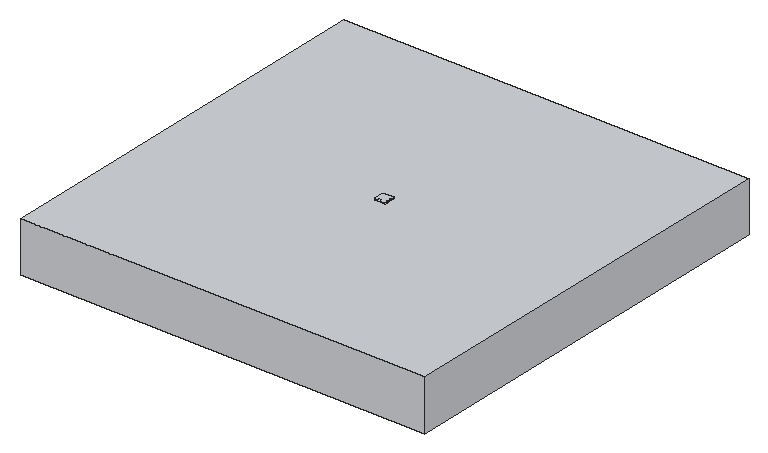
Revit family "Gira_235900", category Allgemeines Modell, Revit 2017
Family settings
  Basisbauteil = Fläche
  Kann Basisbauteil für Bewehrung sein = Nein
  Bemaßung runder Anschluss = Durchmesser verwenden
  Teiletyp = Normal
  Beim Laden mit Abzugskörper schneiden = Nein
  Gemeinsam genutzt = Nein
  Raumberechnungspunkt = Nein
Parameters
  With memory function = no
  With label area = no
  With glass breaking detector connection = no
  With brightness sensor connection = no
  With N-busbar = no
  With LED indication = no
  With Astro program = no
  Default Elevation = 1219.2 mm
  URL = "https://www.gira.de/"
  Typname = "USB pow.supply 2-g type A/A Insert"
  Type of load = "Universal"
  Type of fastening = "Mounting with claw and screw"
  Transparent = no
  Through loss at 860 MHz [B] = 0.1
  Through loss at 2150 MHz [B] = 0.1
  Temperature [Kelvin] = "[5:45]"
  Switch-off protection = no
  Surface protection = "Other"
  Surface finishing = "Not applicable"
  Suitable for wire wound low voltage transformer = yes
  Suitable for wind sensor = no
  Suitable for staircase time switch = no
  Suitable for rain sensor = no
  Suitable for fluorescent tube/energy-saving lamp = yes
  Suitable for electronic low voltage transformer = yes
  Suitable for degree of protection (IP) = "IP20"
  Suitable for 230 V incandescent lamp/halogen lamp = yes
  Substation input = yes
  Shielded housing = no
  Shielded buses = yes
  Serial dimmer = no
  Separate strain relief = yes
  Random generator = no
  Productwebsite = "http://katalog.gira.de/en/datenblatt.html?artikelnr=235900"
  Output voltage [Volt] = 5
  Other bus systems = "None"
  Operating voltage [Volt] = "[110:240]"
  Only suitable as substation = no
  Number of outputs = 2
  Nominal voltage [Volt] 3 = "[230:230]"
  Nominal voltage [Volt] 2 = "[230:230]"
  Nominal voltage [Volt] = 230
  Mounting method shielding connection = "Screw"
  Mounting method = "Flush mounted (plaster)"
  Model = "Bus"
  Min. depth of built-in installation box [m] = 0.024
  Method of operation = "Turn/push button"
  Mechanical coding = no
  Max. switching power [Voltampere] = 1000
  Max. output current = 1.4 A
  Material quality = "Other"
  Material = "Other"
  Light value memory = no
  Integrated timer = no
  Input for substation = no
  Hersteller = "Gira"
  Halogen free = no
  HAN = "235900"
  GTIN = "4010337084655"
  Frequency [Hz] = "[50:60]"
  Forced switch off = no
  Dimming phase cut-on = yes
  Dimming phase cut-off = yes
  Degree of protection (IP) = "IP20"
  Data sheet = "https://katalog.gira.de/en/download.html?artikelnr=235900"
  Connection type = "Screwed terminal"
  Colour = "Other"
  Category = "Other"
  Bus system radio frequent = no
  Bus system Powernet = no
  Bus system LON = no
  Bus system KNX radio = no
  Bus system KNX = yes
  Bus connection included = yes
  Beschreibung = "USB PS 2g type A A Ins.,Insert for USB power supply, 2-gang,Outputs,Type A   type A,Features:,- Power supply with integrated plug connector USB type A.,- Suitable as a charging device, e.g. for mobile telephones and similar devices.,- Simultaneous charging of two devices is possible."
  BIM = "https://media.stage.bim.site/public/gira/290f3eb/Einsatz_1fach.rfa"
  Assembly arrangement = "Basic element"
  Applicable with transmission button = no
  Applicable with time switch/timer = no
  Applicable with presence indicator = yes
  Applicable with movement sensor = yes
  Applicable with infrared button = no
  Applicable with button = yes
  App control via Bluetooth = no
Reference planes
  plane 1 "Center (Front/Back)": y = 0
  plane 2: z = 0
  plane 3 "Center (Left/Right)": x = 0
Forms (mm)
  Extrusion 1, solid
    sketch origin (0, 0, 0) x (1, 0, 0) y (0, 1, 0)
      loop
        line (-1219.2, 1219.2) -> (-1219.2, -1219.2) -> (1219.2, -1219.2) -> (1219.2, 1219.2) -> (-1219.2, 1219.2)
    from 0 to -304.8
  Extrusion 2, solid, detail levels fine
    sketch origin (0, 0, 0) x (1, 0, 0) y (0, 1, 0)
      loop
        line (27.475, 35.475) -> (-27.475, 35.475)
        arc (-27.475, 35.475) -> (-33.132, 33.132) -> (-35.475, 27.475) r 8
        line (-35.475, 27.475) -> (-35.475, -27.475)
        arc (-35.475, -27.475) -> (-33.132, -33.132) -> (-27.475, -35.475) r 8
        line (-27.475, -35.475) -> (27.475, -35.475)
        arc (27.475, -35.475) -> (33.132, -33.132) -> (35.475, -27.475) r 8
        line (35.475, -27.475) -> (35.475, 27.475)
        arc (35.475, 27.475) -> (33.132, 33.132) -> (27.475, 35.475) r 8
    from 0 to 1.8
  Extrusion 3, solid, detail levels fine
    sketch origin (0, 0, 0) x (1, 0, 0) y (0, 1, 0)
      loop
        line (9.678, 25.4) -> (-9.678, 25.4)
        arc (-9.678, 25.4) -> (-12.885, 24.922) -> (-15.814, 23.53) r 11
        arc (-15.814, 23.53) -> (-17.795, 22.07) -> (-19.641, 20.444) r 28.35
        arc (-19.641, 20.444) -> (-21.339, 18.665) -> (-22.876, 16.745) r 28.35
        arc (-22.876, 16.745) -> (-24.456, 13.666) -> (-25, 10.248) r 11
        line (-25, 10.248) -> (-25, -10.248)
        arc (-25, -10.248) -> (-24.456, -13.666) -> (-22.876, -16.745) r 11
        arc (-22.876, -16.745) -> (-20.409, -19.677) -> (-17.569, -22.25) r 28.35
        line (-17.569, -22.25) -> (17.569, -22.25)
        arc (17.569, -22.25) -> (20.409, -19.677) -> (22.876, -16.745) r 28.35
        arc (22.876, -16.745) -> (24.456, -13.666) -> (25, -10.248) r 11
        line (25, -10.248) -> (25, 10.248)
        arc (25, 10.248) -> (24.456, 13.666) -> (22.876, 16.745) r 11
        arc (22.876, 16.745) -> (21.593, 18.37) -> (20.195, 19.897) r 28.35
        arc (20.195, 19.897) -> (18.096, 21.823) -> (15.814, 23.53) r 28.35
        arc (15.814, 23.53) -> (12.885, 24.922) -> (9.678, 25.4) r 11
    from 0 to -22
  Extrusion 4, solid, detail levels medium
    sketch origin (0, 0, 0) x (1, 0, 0) y (0, 1, 0)
      loop
        line (-25, 25.4) -> (-25, -22.25) -> (25, -22.25) -> (25, 25.4) -> (-25, 25.4)
    from 0 to -22
  Extrusion 5, solid, detail levels coarse
    sketch origin (0, 0, 0) x (1, 0, 0) y (0, 1, 0)
      loop
        line (35.475, 35.475) -> (-35.475, 35.475) -> (-35.475, -35.475) -> (35.475, -35.475) -> (35.475, 35.475)
    from -22 to 1.8
  Extrusion 6, solid, detail levels medium
    sketch origin (0, 0, 0) x (1, 0, 0) y (0, 1, 0)
      loop
        line (35.475, 35.475) -> (-35.475, 35.475) -> (-35.475, -35.475) -> (35.475, -35.475) -> (35.475, 35.475)
    from 0 to 1.8
Dimensions and locks
  aligned and locked: plane 2 to Extrusion 1
  aligned and locked: level to Extrusion 1
Connectors
  electrical at (0, 0, -22)
    settings: on Extrusion 5, index 1, voltage 220 V, apparent load 0 VA, apparent load phase1 0 VA, apparent load phase2 0 VA, apparent load phase3 0 VA, power factor 1, load classification "Other", number of poles 1, system type 30, power factor state 1, is connector primary yes, connector utility no, sub classification motor no, connector description ""
